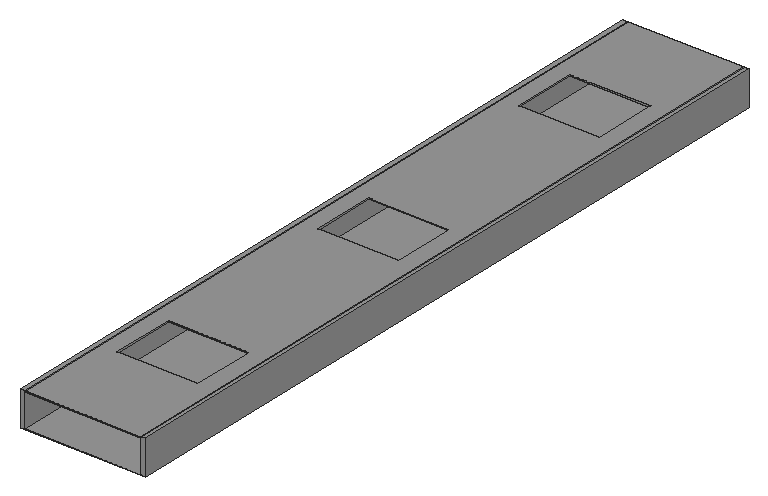
Revit family "OKA-W, Kanaleinheit für GES6, Höhe 100-150mm", category Generic Models, Revit 2015
Parameters (values of type "OKA-W40010050D6")
  Width = 400 mm
  URL = "http://www.obo-bettermann.com"
  Material = Steel, Galvanized
  Manufacturer Art. No. = "7424682"
  Manufacturer = "OBO Bettermann"
  Length [instance] = 2400 mm
  HeightCalc [instance] = if(Height < 100 mm, 100 mm, (if(Height > 150 mm, 150 mm, Height)))  # 110 mm
  Height [instance] = 110 mm
  GTIN = "4012195244783"
  Cut's number = 3
  Article Type = "OKA-W40010050D6"
Reference planes
  plane 1 "Center (Front/Back)": y = 0
  plane 2: z = 0
  plane 3 "Center (Left/Right)": x = 0
  plane 4: z = 110
  plane 5: y = -2400
  plane 6: x = 200
  plane 7: x = -200
Forms (mm)
  Extrusion 1, solid, material "Aluminum 6061"
    sketch origin (0, 0, 0) x (1, 0, 0) y (0, 0, 1)
      loop
        line (185, 110) -> (185, 1) -> (-185, 1) -> (-185, 110) -> (-200, 110) -> (-200, 0) -> (200, 0) -> (200, 110) -> (185, 110)
    from 0 to 2400
  Extrusion 2, solid, material "Steel, Galvanized" <- "Material"
    sketch origin (0, 0, 0) x (1, 0, 0) y (0, 0, 1)
      loop
        line (185, 106) -> (185, 110) -> (-185, 110) -> (-185, 106) -> (185, 106)
    from 0 to 2400
  Extrusion 3, void
    sketch origin (0, 0, 0) x (1, 0, 0) y (0, 1, 0)
      loop
        line (-129.1, -1898.5) -> (-129.1, -2102.5) -> (129.1, -2102.5) -> (129.1, -1898.5) -> (-129.1, -1898.5)
    from 106 to 110
  Extrusion 4, void
    sketch origin (0, 800, 0) x (1, 0, 0) y (0, 1, 0)
      loop
        line (-129.1, -1898.5) -> (-129.1, -2102.5) -> (129.1, -2102.5) -> (129.1, -1898.5) -> (-129.1, -1898.5)
    from 106 to 110
  Extrusion 5, void
    sketch origin (0, 1600, 0) x (1, 0, 0) y (0, 1, 0)
      loop
        line (-129.1, -1898.5) -> (-129.1, -2102.5) -> (129.1, -2102.5) -> (129.1, -1898.5) -> (-129.1, -1898.5)
    from 106 to 110
Cuts and joins
  Extrusion 3 cuts Extrusion 1
  Extrusion 3, Extrusion 4, Extrusion 5 cuts Extrusion 2
Lines and regions (mm)
  model lines
    curve 1: line (-200, 0, 110) -> (-185, 0, 110)
    curve 2: line (-185, 0, 110) -> (-185, 0, 0)
    curve 3: line (-185, 0, 0) -> (-435, 0, 0)
    curve 4: line (-435, 0, 0) -> (-435, 0, 1)
    curve 5: line (-435, 0, 1) -> (-200, 0, 1)
    curve 6: line (-200, 0, 1) -> (-200, 0, 110)
    curve 7: line (185, 0, 110) -> (185, 0, 0)
    curve 8: line (185, 0, 0) -> (435, 0, 0)
    curve 9: line (435, 0, 0) -> (435, 0, 1)
    curve 10: line (435, 0, 1) -> (200, 0, 1)
    curve 11: line (200, 0, 1) -> (200, 0, 110)
    curve 12: line (200, 0, 110) -> (185, 0, 110)
    curve 13: line (185, 0, 110) -> (185, 0, 0)
    curve 14: line (-185, 0, 0) -> (-185, 0, 110)
    curve 15: line (-185, 0, 110) -> (185, 0, 110)
    curve 16: line (-185, 0, 106) -> (185, 0, 106)
Dimensions and locks
  locked: curve 5 to curve 3 at 1
  locked: curve 2 to curve 6 at 15
  locked: curve 10 to curve 8 at 1
  locked: curve 2 to curve 4 at 250
  locked: curve 9 to curve 7 at 250
  locked: curve 11 to curve 7 at 15
  "Length": plane 1 "Center (Front/Back)" to plane 5
  equal spacing: plane 7, plane 3 "Center (Left/Right)", plane 6
  "Width": plane 7 to plane 6
  "HeightCalc": level to plane 4
  locked: curve 16 to curve 15 at 4
  locked: Extrusion 3 sketch curve to Extrusion 3 sketch curve at 258.2
  locked: Extrusion 3 sketch curve to Extrusion 3 sketch curve at 204
  locked: Extrusion 4 sketch curve to Extrusion 4 sketch curve at 258.2
  locked: Extrusion 4 sketch curve to Extrusion 4 sketch curve at 204
  equal spacing: group 1, group 2, group 3  (x3)
  locked: Extrusion 5 sketch curve to Extrusion 5 sketch curve at 258.2
  locked: Extrusion 5 sketch curve to Extrusion 5 sketch curve at 204
  aligned and locked: level to plane 2
  aligned and locked: level to curve 3
  aligned and locked: curve 6 to plane 7
  aligned and locked: curve 11 to plane 6
  aligned and locked: plane 4 to curve 1
  aligned and locked: curve 8 to level
  aligned and locked: Extrusion 1 sketch curve to curve 13
  aligned and locked: Extrusion 1 sketch curve to curve 12
  aligned and locked: Extrusion 1 sketch curve to curve 11
  aligned and locked: Extrusion 1 sketch curve to curve 6
  aligned and locked: curve 14 to Extrusion 1 sketch curve
  aligned and locked: Extrusion 1 sketch curve to curve 1
  aligned and locked: Extrusion 1 to plane 5
  aligned and locked: Extrusion 2 sketch curve to curve 16
  aligned and locked: Extrusion 2 sketch curve to curve 15
  aligned and locked: Extrusion 2 sketch curve to curve 2
  aligned and locked: Extrusion 2 sketch curve to curve 7
  aligned and locked: Extrusion 2 to plane 5
  aligned and locked: curve 5 to Extrusion 1 sketch curve
  aligned and locked: Extrusion 3 to Extrusion 1
  aligned and locked: Extrusion 3 to curve 16
Automatic sketch dimensions
  Extrusion 1 sketch curve to level = 0 mm
